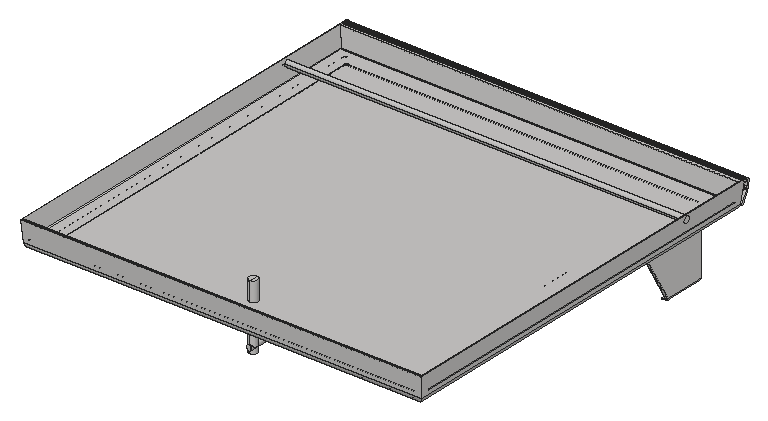
Revit family "NLRS_33_GM_FB_TC_STORAX_vloerluik_BV-GDZ_BCB", category Generic Models, host Face, Revit 2014
Parameters (values of type "maatwerk")
  vullen_met_beton = "ja"  # constant formula
  vergrendeling = "nee"  # constant formula
  uitwendige_lengte = 1152 mm
  uitwendige_breedte = 1135 mm
  sluiting = "1"  # constant formula
  scharnierend = "ja"  # constant formula
  rubberen_afdichting = "enkel"  # constant formula
  productgroep = "Vloerluiken"  # constant formula
  materiaal = bcb_staal
  inbouwhoogte [instance] = 75 mm
  geïsoleerd = "nee"  # constant formula
  gewicht = "0"
  gasveer 2 = yes
  gasdrukveer = "ja"  # constant formula
  brandwerend 90 min = "nee"  # constant formula
  binnenmaat_lengte = uitwendige_lengte - 152 mm  # 1000 mm
  binnenmaat_breedte = uitwendige_breedte - 135 mm  # 1000 mm
  binnenluik = "tbv betonvulling"  # constant formula
  belasting = "125 kN"  # constant formula
  URL = "http://www.storax.nl/producten/Staal/185/Type-BV-GDZ"
  Model = "BV"  # constant formula
  Manufacturer = "Storax"  # constant formula
  Default Elevation = 1219.2 mm
Types (6, lengths in mm): name | uitwendige_lengte | uitwendige_breedte | gewicht | gasveer 2 | binnenmaat_lengte | binnenmaat_breedte
  (no name) | 1152 | 1135 | "0" | yes | 1000 | 1000
  BV-GDZ 66 | 752 | 735 | "30" | no | 600 | 600
  BV-GDZ 86 | 752 | 935 | "38" | yes | 600 | 800
  BV-GDZ 88 | 952 | 935 | "44" | yes | 800 | 800
  BV-GDZ 110 | 1152 | 1135 | "58" | yes | 1000 | 1000
  maatwerk | 1152 | 1135 | "0" | yes | 1000 | 1000
Reference planes
  plane 1 "Center (Front/Back)": y = 0
  plane 2: z = 0
  plane 3 "Center (Left/Right)": x = 0
  plane 4: y = 567.5
  plane 5: y = -567.5
  plane 6: x = 567.5
  plane 7: x = -567.5
  plane 8: z = -75
  plane 9: x = -525.5
  plane 10: y = 525.5
  plane 11: y = -525.5
  plane 12: x = 525.5
  plane 13: x = -405.5
  plane 14: x = 405.5
  plane 15: y = -455
  plane 16: y = 405.5
  plane 17 "o.k. luik": z = -53.988
  plane 18: y = 500
  plane 19: x = -499.5
  plane 20: x = 499.5
  plane 21: y = 365.4
  plane 22: y = 560.5
  plane 23: y = 584.5
Forms (mm)
  Sweep 1, solid, material "bcb_staal" <- "materiaal", detail levels medium+fine
    path origin (0, 0, 0) x (1, 0, 0) y (0, 1, 0)
      loop
        line (-567.5, 567.5) -> (-567.5, -567.5) -> (567.5, -567.5) -> (567.5, 567.5) -> (-567.5, 567.5)
    profile origin (-567.5, 0, 0) x (-1, 0, 0) y (0, 0, 1)
      loop
        line (0, 0) -> (-2.01, 0) -> (-8.062, -60.739)
        arc (-8.062, -60.739) -> (-19.025, -71.913) -> (-32.302, -63.62) r 12.5
        line (-32.302, -63.62) -> (-34.724, -56.679)
        arc (-34.724, -56.679) -> (-38.41, -54.001) -> (-42.212, -56.51) r 4
        line (-42.212, -56.51) -> (-44.362, -61.868)
        arc (-44.362, -61.868) -> (-48.269, -64.946) -> (-52.899, -63.13) r 5
        line (-52.899, -63.13) -> (-56.64, -57.982)
        arc (-56.64, -57.982) -> (-63.349, -55.792) -> (-67.5, -61.5) r 6
        line (-67.5, -61.5) -> (-67.5, -75) -> (-65.5, -75) -> (-65.5, -61.5)
        arc (-65.5, -61.5) -> (-62.734, -57.695) -> (-58.262, -59.152) r 4
        line (-58.262, -59.152) -> (-54.667, -64.109)
        arc (-54.667, -64.109) -> (-48.142, -66.947) -> (-42.504, -62.607) r 7
        line (-42.504, -62.607) -> (-40.356, -57.255)
        arc (-40.356, -57.255) -> (-38.451, -56.001) -> (-36.61, -57.346) r 2
        line (-36.61, -57.346) -> (-34.19, -64.279)
        arc (-34.19, -64.279) -> (-18.789, -73.899) -> (-6.071, -60.938) r 14.5
        line (-6.071, -60.938) -> (0, 0)
  Sweep 2, solid, material "bcb_staal" <- "materiaal", detail levels medium+fine
    path origin (0, 0, 0) x (1, 0, 0) y (0, 1, 0)
      loop
        line (-567.5, 560.5) -> (-567.5, -567.5) -> (567.5, -567.5) -> (567.5, 560.5) -> (-567.5, 560.5)
    profile origin (-567.5, -3.5, 0) x (-1, 0, 0) y (0, 0, 1)
      loop
        line (-10.487, -50.628) -> (-2.484, 0) -> (-4.5, 0) -> (-12.438, -50.313)
        arc (-12.438, -50.313) -> (-13.121, -51.538) -> (-14.437, -52.024) r 2.024
        line (-14.437, -52.024) -> (-67.5, -52.024) -> (-67.5, -53.988) -> (-14.751, -53.988)
        arc (-14.751, -53.988) -> (-11.962, -53.142) -> (-10.487, -50.628) r 4
  Sweep 3, solid, material "bcb_staal" <- "materiaal", detail levels coarse
    path origin (0, 0, 0) x (1, 0, 0) y (0, 1, 0)
      loop
        line (-567.5, 560.5) -> (-567.5, -567.5) -> (567.5, -567.5) -> (567.5, 560.5) -> (-567.5, 560.5)
    profile origin (-567.5, -3.5, 0) x (-1, 0, 0) y (0, 0, 1)
      loop
        line (0, 0) -> (-4.5, 0) -> (-12.74, -52.024) -> (-67.5, -52.024) -> (-67.5, -75) -> (-7.473, -75) -> (0, 0)
  Extrusion 4, solid, material "bcb_staal" <- "materiaal", detail levels medium+fine
    sketch origin (0, 0, 0) x (1, 0, 0) y (0, 1, 0)
      loop
        line (-500, 500) -> (-500, -500) -> (500, -500) -> (500, 500) -> (-500, 500)
    from -53.988 to -52
  Extrusion 5, solid, material "bcb_staal" <- "materiaal", detail levels coarse
    sketch origin (0, 0, 0) x (1, 0, 0) y (0, 1, 0)
      loop
        line (-500, 493) -> (-500, -500) -> (500, -500) -> (500, 493) -> (-500, 493)
    from -75 to -52.024
  Extrusion 6, void
    sketch origin (0, 0, 0) x (1, 0, 0) y (0, 1, 0)
      loop
        line (-405.5, -455) -> (405.5, -455) -> (405.5, 405.5) -> (-405.5, 405.5) -> (-405.5, -455)
    from -500 to 10
  Sweep 7, void
    path origin (0, 0, 0) x (1, 0, 0) y (0, 1, 0)
      loop
        line (-567.5, 567.5) -> (-567.5, -567.5) -> (567.5, -567.5) -> (567.5, 567.5) -> (-567.5, 567.5)
    profile origin (-567.5, 0, 0) x (-1, 0, 0) y (0, 0, 1)
      loop
        line (0.498, 5) -> (-162, 5) -> (-162, -365) -> (-65.5, -365) -> (-65.5, -75) -> (-7.473, -75) -> (0.498, 5)
  Extrusion 8, solid, material "bcb_staal" <- "materiaal", detail levels medium+fine
    sketch origin (0, 0, 0) x (0, 1, 0) y (0, 0, 1)
      loop
        line (579.61, 0) -> (577.11, 0) -> (577.11, -2) -> (579.61, -2)
        arc (579.61, -2) -> (581.378, -2.732) -> (582.11, -4.5) r 2.5
        line (582.11, -4.5) -> (582.11, -21.5)
        arc (582.11, -21.5) -> (581.378, -23.268) -> (579.61, -24) r 2.5
        line (579.61, -24) -> (565.11, -24) -> (565.11, -26) -> (579.61, -26)
        arc (579.61, -26) -> (582.792, -24.682) -> (584.11, -21.5) r 4.5
        line (584.11, -21.5) -> (584.11, -4.5)
        arc (584.11, -4.5) -> (582.792, -1.318) -> (579.61, 0) r 4.5
    from -567.5 to 567.5
  Extrusion 9, solid, material "bcb_staal" <- "materiaal", detail levels medium+fine
    sketch origin (0, 0, 0) x (0, 1, 0) y (0, 0, 1)
      loop
        line (561.507, -60.04) -> (563.234, -61.048) -> (583.411, -26.51) -> (583.411, -23.909)
        arc (583.411, -23.909) -> (582.649, -24.819) -> (581.676, -25.498) r 4.5
        line (581.676, -25.498) -> (561.507, -60.04)
    from -567.5 to 567.5
  Extrusion 10, solid, material "bcb_staal" <- "materiaal", detail levels medium+fine
    sketch origin (0, 0, 0) x (0, 1, 0) y (0, 0, 1)
      loop
        circle (365.4, -11) r 8
    from -567.5 to 567.5
  Extrusion 11, solid, material "bcb_staal" <- "materiaal", detail levels coarse
    sketch origin (0, 0, -2) x (0, 1, 0) y (0, 0, 1)
      loop
        line (563.234, -61.048) -> (584.11, -25.313) -> (584.11, 2) -> (554.11, 2) -> (554.11, -73) -> (560.226, -73) -> (561.417, -61.048) -> (563.234, -61.048)
    from -567.5 to 567.5
  Sweep 12, void
    path origin (0, 0, 0) x (1, 0, 0) y (0, 1, 0)
      loop
        line (-567.5, 567.5) -> (567.5, 567.5)
    profile origin (0, 567.5, 0) x (0, 1, 0) y (0, 0, 1)
      loop
        line (16.61, 2) -> (-13.39, 2) -> (-13.39, -75) -> (-7.473, -75) -> (-6.083, -61.048) -> (-4.266, -61.048) -> (16.61, -25.313) -> (16.61, 2)
  Extrusion 13, solid, material "bcb_staal" <- "materiaal", detail levels medium+fine
    sketch origin (0, 0, 0) x (0, 1, 0) y (0, 0, 1)
      loop
        arc (570.504, -2) -> (572.979, -3.025) -> (574.004, -5.5) r 3.5
        line (574.004, -5.5) -> (574.004, -7) -> (576.004, -7) -> (576.004, -5.5)
        arc (576.004, -5.5) -> (574.393, -1.611) -> (570.504, 0) r 5.5
        line (570.504, 0) -> (556, 0) -> (555.683, -2) -> (570.504, -2)
    from -567.5 to 567.5
Cuts and joins
  joined: Sweep 2, Extrusion 4, Extrusion 13
  joined: Sweep 3, Extrusion 5
Text (mm)
  text "Indien u deze familie geopend hebt vanuit het project via Edit Family: Niet Opslaan!\n\nOpen de familie via File - Open Family om de familie aan te passen.\n\n\n\nMocht u zelf aanpassingen willen aanbrengen in een type van de family, \n\npak dan het type maatwerk en neem contact op met Storax." at (-0.374, 589.999, 0), in view "Ref. Level"
Dimensions and locks
  equal spacing: plane 7, plane 3 "Center (Left/Right)", plane 6
  "uitwendige_breedte": plane 7 to plane 6
  equal spacing: plane 4, plane 1 "Center (Front/Back)", plane 5
  locked: plane 4 to plane 10 at 42
  locked: plane 7 to plane 9 at 42
  locked: plane 12 to plane 6 at 42
  locked: plane 5 to plane 11 at 42
  locked: plane 9 to plane 13 at 120
  locked: plane 14 to plane 12 at 120
  locked: plane 10 to plane 16 at 120
  locked: plane 10 to plane 18 at 25.5
  locked: plane 9 to plane 19 at 26
  locked: plane 20 to plane 12 at 26
  locked: plane 4 to plane 22 at 7
  locked: plane 23 to plane 4 at 17
  "uitwendige_lengte": plane 23 to plane 5
  locked: plane 15 to plane 5 at 112.5
  aligned and locked: plane 2 to host face
  aligned and locked: level to host face
  aligned and locked: Sweep 1 sketch curve to plane 4
  aligned and locked: plane 7 to Sweep 1 sketch curve
  aligned and locked: plane 5 to Sweep 1 sketch curve
  aligned and locked: Sweep 1 sketch curve to plane 6
  aligned and locked: Sweep 2 sketch curve to Sweep 1  (x2)
  aligned and locked: Sweep 1 to Sweep 2 sketch curve
  aligned and locked: Sweep 3 sketch curve to Sweep 1  (x2)
  aligned and locked: Sweep 1 to Sweep 3 sketch curve
  aligned and locked: Extrusion 4 sketch curve to Sweep 1  (x4)
  aligned and locked: Extrusion 5 sketch curve to Sweep 3  (x2)
  aligned and locked: Extrusion 5 sketch curve to Sweep 1
  aligned and locked: Sweep 1 to Extrusion 5 sketch curve
  aligned and locked: Extrusion 6 to plane 16
  aligned and locked: Extrusion 6 to plane 14
  aligned and locked: Extrusion 6 to plane 15
  aligned and locked: Extrusion 6 to plane 13
  aligned and locked: Sweep 7 sketch curve to plane 4
  aligned and locked: Sweep 7 sketch curve to plane 6
  aligned and locked: plane 5 to Sweep 7 sketch curve
  aligned and locked: plane 7 to Sweep 7 sketch curve
  aligned and locked: nested 1 to plane 18
  aligned and locked: plane 19 to nested 1
  aligned and locked: nested 2 to plane 20
  aligned and locked: plane 18 to nested 2
  aligned and locked: plane 7 to Sweep 12 sketch curve
  aligned and locked: plane 6 to Sweep 12 sketch curve
  aligned and locked: Sweep 2 sketch curve to plane 22
  aligned and locked: Sweep 3 sketch curve to plane 22
  aligned and locked: cut or joined group of Sweep 2, Extrusion 4, Extrusion 13 to plane 7
  aligned and locked: plane 6 to cut or joined group of Sweep 2, Extrusion 4, Extrusion 13
  aligned and locked: plane 6 to Extrusion 10
  aligned and locked: plane 6 to Extrusion 8
  aligned and locked: plane 6 to Extrusion 9
  aligned and locked: Extrusion 8 to plane 7
  aligned and locked: Extrusion 10 to plane 7
  aligned and locked: Extrusion 9 to plane 7
  aligned and locked: Extrusion 11 to plane 7
  aligned and locked: plane 6 to Extrusion 11
  aligned and locked: nested 3 to plane 15
  aligned and locked: plane 3 "Center (Left/Right)" to nested 3
Automatic sketch dimensions
  host sketch curve to host sketch curve = 2000 mm  (x2)
  Sweep 1 sketch curve to profile plane = 0 mm
  profile plane to Sweep 1 sketch curve = 6.071 mm
  Sweep 1 sketch curve to Sweep 1 sketch curve = 1.99 mm
  Sweep 1 sketch curve to Sweep 1 sketch curve = 12.438 mm
  Sweep 1 sketch curve to Sweep 1 sketch curve = 0 mm  (x6)
  Sweep 1 sketch curve to Sweep 1 sketch curve = 11.802 mm
  Sweep 1 sketch curve to Sweep 1 sketch curve = 1.888 mm
  Sweep 1 sketch curve to Sweep 1 sketch curve = 2.423 mm
  Sweep 1 sketch curve to Sweep 1 sketch curve = 1.886 mm
  Sweep 1 sketch curve to Sweep 1 sketch curve = 1.89 mm
  Sweep 1 sketch curve to Sweep 1 sketch curve = 1.856 mm  (x2)
  Sweep 1 sketch curve to Sweep 1 sketch curve = 2.147 mm
  Sweep 1 sketch curve to Sweep 1 sketch curve = 1.858 mm
  Sweep 1 sketch curve to Sweep 1 sketch curve = 4.638 mm
  Sweep 1 sketch curve to Sweep 1 sketch curve = 3.899 mm
  Sweep 1 sketch curve to Sweep 1 sketch curve = 1.768 mm
  Sweep 1 sketch curve to Sweep 1 sketch curve = 3.741 mm
  Sweep 1 sketch curve to Sweep 1 sketch curve = 1.622 mm
  Sweep 1 sketch curve to Sweep 1 sketch curve = 3.238 mm
  Sweep 1 sketch curve to Sweep 1 sketch curve = 4 mm
  Sweep 1 sketch curve to Sweep 1 sketch curve = 2 mm
  Sweep 1 sketch curve to level = 56.51 mm
  Sweep 1 sketch curve to Sweep 1 sketch curve = 0.169 mm
  Sweep 1 sketch curve to Sweep 1 sketch curve = 0.745 mm
  Sweep 1 sketch curve to Sweep 1 sketch curve = 0.654 mm
  Sweep 1 sketch curve to Sweep 1 sketch curve = 1.471 mm
  Sweep 1 sketch curve to Sweep 1 sketch curve = 1.17 mm
  Sweep 1 sketch curve to Sweep 1 sketch curve = 2.821 mm
  Sweep 1 sketch curve to Sweep 1 sketch curve = 3.49 mm
  Sweep 1 sketch curve to Sweep 1 sketch curve = 1.239 mm
  Sweep 1 sketch curve to Sweep 1 sketch curve = 0.198 mm
  Sweep 1 sketch curve to Sweep 1 sketch curve = 1.867 mm
  Sweep 1 sketch curve to Sweep 1 sketch curve = 0.739 mm
  Sweep 1 sketch curve to Sweep 1 sketch curve = 13.5 mm
  profile plane to Sweep 1 sketch curve = 2.01 mm
  Sweep 1 sketch curve to Sweep 1 sketch curve = 60.938 mm
  Sweep 2 sketch curve to level = 0 mm
  profile plane to Sweep 2 sketch curve = 14.751 mm
  Sweep 2 sketch curve to Sweep 2 sketch curve = 0.313 mm  (x2)
  Sweep 2 sketch curve to Sweep 2 sketch curve = 0 mm  (x2)
  Sweep 2 sketch curve to Sweep 2 sketch curve = 1.95 mm
  Sweep 2 sketch curve to Sweep 2 sketch curve = 0.315 mm
  Sweep 2 sketch curve to Sweep 2 sketch curve = 53.063 mm
  profile plane to Sweep 2 sketch curve = 4.5 mm
  Sweep 2 sketch curve to Sweep 2 sketch curve = 2.016 mm
  Sweep 2 sketch curve to level = 52.024 mm
  Sweep 2 sketch curve to Sweep 2 sketch curve = 1.963 mm
  Sweep 3 sketch curve to level = 0 mm
  Sweep 3 sketch curve to profile plane = 0 mm
  profile plane to Sweep 3 sketch curve = 4.5 mm
  profile plane to Sweep 3 sketch curve = 12.74 mm
  Sweep 3 sketch curve to Sweep 3 sketch curve = 54.76 mm
  Sweep 3 sketch curve to level = 52.024 mm
  profile plane to Sweep 3 sketch curve = 7.473 mm
  Sweep 3 sketch curve to Sweep 3 sketch curve = 22.976 mm
  Extrusion 6 sketch curve to plane 11 = 70.5 mm
  Extrusion 6 sketch curve to plane 1 "Center (Front/Back)" = 405.5 mm
  Extrusion 6 sketch curve to plane 13 = 0 mm
  Extrusion 6 sketch curve to plane 14 = 0 mm
  level to Sweep 7 sketch curve = 5 mm
  profile plane to Sweep 7 sketch curve = 162 mm
  profile plane to Sweep 7 sketch curve = 65.5 mm
  profile plane to Sweep 7 sketch curve = 7.473 mm
  Sweep 7 sketch curve to profile plane = 0.498 mm
  Sweep 7 sketch curve to level = 75 mm
  Sweep 7 sketch curve to Sweep 7 sketch curve = 290 mm
  Extrusion 8 sketch curve to Extrusion 8 sketch curve = 0 mm  (x4)
  Extrusion 8 sketch curve to level = 0 mm
  Extrusion 8 sketch curve to plane 4 = 2.39 mm
  plane 4 to Extrusion 8 sketch curve = 9.61 mm
  Extrusion 8 sketch curve to Extrusion 8 sketch curve = 2.5 mm  (x2)
  plane 4 to Extrusion 8 sketch curve = 12.11 mm
  Extrusion 8 sketch curve to Extrusion 8 sketch curve = 2 mm
  Extrusion 8 sketch curve to Extrusion 8 sketch curve = 17 mm
  Extrusion 8 sketch curve to Extrusion 8 sketch curve = 0.001 mm
  Extrusion 9 sketch curve to plane 4 = 5.993 mm
  Extrusion 9 sketch curve to Extrusion 9 sketch curve = 1.727 mm
  plane 17 "o.k. luik" to Extrusion 9 sketch curve = 7.061 mm
  Extrusion 9 sketch curve to Extrusion 9 sketch curve = 1.009 mm
  plane 4 to Extrusion 9 sketch curve = 14.176 mm
  Extrusion 9 sketch curve to Extrusion 9 sketch curve = 1.735 mm
  Extrusion 9 sketch curve to level = 26.51 mm
  Extrusion 9 sketch curve to Extrusion 9 sketch curve = 1.012 mm
  Extrusion 9 sketch curve to Extrusion 9 sketch curve = 1.589 mm
  Extrusion 9 sketch curve to Extrusion 9 sketch curve = 2.066 mm
  Extrusion 10 sketch curve to plane 21 = 0 mm
  Sweep 12 sketch curve to plane 4 = 0 mm
  Extrusion 10 sketch curve to level = 11 mm
  Extrusion 11 sketch curve to level = 0 mm
  Extrusion 11 sketch curve to plane 22 = 6.39 mm
  plane 22 to Extrusion 11 sketch curve = 0.917 mm
  Extrusion 11 sketch curve to Extrusion 11 sketch curve = 1.817 mm
  plane 4 to Extrusion 11 sketch curve = 16.61 mm
  Extrusion 11 sketch curve to level = 27.313 mm
  plane 17 "o.k. luik" to Extrusion 11 sketch curve = 9.061 mm
  Extrusion 11 sketch curve to plane 22 = 0.274 mm
  Extrusion 11 sketch curve to plane 8 = 0 mm
  Extrusion 13 sketch curve to level = 0 mm
  plane 4 to Extrusion 13 sketch curve = 3.004 mm
  Extrusion 13 sketch curve to plane 22 = 4.817 mm
  Extrusion 13 sketch curve to Extrusion 13 sketch curve = 0.317 mm
  Extrusion 13 sketch curve to Extrusion 13 sketch curve = 0 mm  (x2)
  Extrusion 13 sketch curve to Extrusion 13 sketch curve = 2 mm
  Extrusion 13 sketch curve to level = 5.5 mm
  Extrusion 13 sketch curve to Extrusion 13 sketch curve = 1.5 mm
  level to Sweep 12 sketch curve = 2 mm
  profile plane to Sweep 12 sketch curve = 13.39 mm
  Sweep 12 sketch curve to Sweep 12 sketch curve = 5.917 mm
  profile plane to Sweep 12 sketch curve = 6.083 mm
  Sweep 12 sketch curve to Sweep 12 sketch curve = 1.817 mm
  Sweep 12 sketch curve to profile plane = 16.61 mm
  Sweep 12 sketch curve to level = 25.313 mm
  Sweep 12 sketch curve to Sweep 12 sketch curve = 35.736 mm
  Sweep 12 sketch curve to Sweep 12 sketch curve = 13.952 mm
  radius of Extrusion 10 sketch curve = 8 mm
Nested families
  nested 1: "NLRS_33_GM_FB_TC_STORAX_vloerluik_BV-GD_BCB_Gasveer" at (-499.5, 500, 0), visible <- "gasveer 2", type "NLRS_33_GM_FB_TC_STORAX_vloerluik_BV-GD_BCB_Gasveer"
  nested 2: "NLRS_33_GM_FB_TC_STORAX_vloerluik_BV-GD_BCB_Gasveer" at (499.5, 500, 0) x (-1, 0, 0) z (0, 0, 1), type "NLRS_33_GM_FB_TC_STORAX_vloerluik_BV-GD_BCB_Gasveer"
  nested 3: "NLRS_33_GM_FB_TC_STORAX_vloerluik_BV-GDZ_BCB_Cent-Verg" at (0, -455, 0), type "NLRS_33_GM_FB_TC_STORAX_vloerluik_BV-GDZ_BCB_Cent-Verg"
Definition of nested family "NLRS_33_GM_FB_TC_STORAX_vloerluik_BV-GD_BCB_Gasveer"
  Parameters (values of type "NLRS_33_GM_FB_TC_STORAX_vloerluik_BV-GD_BCB_Gasveer")
    materiaal = bcb_staal
    gasveer hoek = yes
    Default Elevation = 1219.2 mm
  Reference planes
    plane 1 "Center (Front/Back)": y = 0
    plane 2: z = 0
    plane 3 "Center (Left/Right)": x = 0
    plane 4: through (0, -71.994, -159.424) normal (0, -0.2126, -0.9771)
    plane 5: x = 66
  Forms (mm)
    Extrusion 1, solid
      sketch origin (0, 0, 0) x (1, 0, 0) y (0, 1, 0)
        loop
          line (-250, 250) -> (-250, -250) -> (-109.552, -250) -> (-109.552, 250) -> (-250, 250)
      from 0 to -100
    Extrusion 2, solid, material "bcb_rvs", detail levels fine
      sketch origin (0, 0, -54) x (0, 1, 0) y (0, 0, 1)
        loop
          line (-511.996, 0) -> (-511.996, -5.499) -> (-421.996, -5.499) -> (-421.996, 0) -> (-511.996, 0)
      from 37 to 68.5
    Extrusion 3, solid, material "bcb_rvs", detail levels fine
      sketch origin (0, 0, -54) x (0, 1, 0) y (0, 0, 1)
        loop
          line (-511.996, -5.499) -> (-511.996, -14.999) -> (-465.23, -41.999) -> (-436.996, -41.999) -> (-421.996, -26.999) -> (-421.996, -5.499) -> (-511.996, -5.499)
      from 63.5 to 68.5
    Sweep 4, solid, material "bcb_rvs", visible <- "gasveer hoek", detail levels medium+fine
      path origin (0, 0, 0) x (1, 0, 0) y (0, 1, 0)
        loop
          line (0, -214.2) -> (0, 0) -> (214.2, 0)
      profile origin (107.1, 0, 0) x (0, 1, 0) y (0, 0, 1)
        loop
          line (-17, -246.78) -> (-17, -249.78) -> (-6, -249.78)
          arc (-6, -249.78) -> (-1.757, -248.023) -> (0, -243.78) r 6
          line (0, -243.78) -> (0, -61.499) -> (-3, -61.499) -> (-3, -243.78)
          arc (-3, -243.78) -> (-3.879, -245.901) -> (-6, -246.78) r 3
          line (-6, -246.78) -> (-17, -246.78)
    Extrusion 5, void
      sketch origin (0, 0, -54) x (0, 1, 0) y (0, 0, 1)
        loop
          line (-115, -192.78) -> (-227.511, 2.095) -> (-227.511, -207.78) -> (-115, -207.78) -> (-115, -192.78)
      from -10 to 25
    Extrusion 6, void
      sketch origin (0, 0, -54) x (-1, 0, 0) y (0, 0, 1)
        loop
          line (-115, -192.78) -> (-227.511, 2.095) -> (-227.511, -207.78) -> (-115, -207.78) -> (-115, -192.78)
      from -25 to 25
    Revolve 7, solid, material "bcb_rvs", detail levels fine
      sketch origin (66, 0, -54) x (0, 1, 0) y (0, 0, 1)
        loop
          line (-392.538, -49.996) -> (-74.97, -119.104) -> (-73.907, -114.218) -> (-69.998, -115.068) -> (-68.085, -106.274) -> (-411.742, -31.489) -> (-413.655, -40.283) -> (-391.475, -45.11) -> (-392.538, -49.996)
        axis (-68.085, -106.274) -> (-411.742, -31.489)
      angle from 0 to 360
    Extrusion 8, solid, material "bcb_rvs", detail levels fine
      sketch origin (0, 0, -54) x (0, 1, 0) y (0, 0, 1)
        loop
          line (-446.113, -34.243) -> (-413.868, -41.261) -> (-409.615, -21.718) -> (-441.861, -14.701)
          arc (-441.861, -14.701) -> (-447.895, -23.622) -> (-446.113, -34.243) r 14.5
      from 55 to 77
    Extrusion 9, solid, material "bcb_rvs", detail levels fine
      sketch origin (0, 0, -54) x (0, 1, 0) y (0, 0, 1)
        loop
          line (-65.959, -96.503) -> (-70.211, -116.045) -> (-23.309, -126.252)
          arc (-23.309, -126.252) -> (-17.274, -117.331) -> (-19.056, -106.709) r 14.5
          line (-19.056, -106.709) -> (-65.959, -96.503)
      from 55 to 77
    Extrusion 10, solid, material "bcb_rvs", detail levels fine
      sketch origin (0, 0, -54) x (0, 1, 0) y (0, 0, 1)
        loop
          line (-45, -114.78) -> (-45, -143.015) -> (-18, -189.78) -> (-8.5, -189.78) -> (-8.5, -99.78) -> (-30, -99.78) -> (-45, -114.78)
      from 63.5 to 68.5
    Extrusion 11, solid, material "bcb_rvs", detail levels fine
      sketch origin (0, 0, -54) x (0, 1, 0) y (0, 0, 1)
        loop
          line (-8.488, -99.78) -> (-8.488, -189.78) -> (-3, -189.78) -> (-3, -99.78) -> (-8.488, -99.78)
      from 37 to 68.5
    Sweep 12, solid, material "bcb_rvs", detail levels coarse+medium
      path origin (66, 0, -54) x (0, 1, 0) y (0, 0, 1)
        loop
          line (-447.895, -23.622) -> (-17.274, -117.331)
      profile origin (66, -232.585, -124.476) x (0, 0.212638, 0.977131) y (1, 0, 0)
        loop
          circle (0, 0) r 14
  Cuts and joins
    Extrusion 5, Extrusion 6 cuts Sweep 4
    joined: Extrusion 2, Extrusion 3
    joined: Extrusion 10, Extrusion 11
  Dimensions and locks
    aligned and locked: plane 2 to Extrusion 1
    aligned and locked: level to Extrusion 1
Definition of nested family "NLRS_33_GM_FB_TC_STORAX_vloerluik_BV-GDZ_BCB_Cent-Verg"
  Parameters (values of type "NLRS_33_GM_FB_TC_STORAX_vloerluik_BV-GDZ_BCB_Cent-Verg")
    materiaal = bcb_staal
    gasveer hoek = yes
    Default Elevation = 1219.2 mm
  Reference planes
    plane 1 "Center (Front/Back)": y = 0
    plane 2: z = 0
    plane 3 "Center (Left/Right)": x = 0
  Forms (mm)
    Extrusion 1, solid
      sketch origin (0, 0, 0) x (1, 0, 0) y (0, 1, 0)
        loop
          line (-250, 250) -> (-250, -250) -> (250, -250) -> (250, 250) -> (-250, 250)
      from 0 to -10
    Revolve 2, solid, material "bcb_staal" <- "materiaal", detail levels medium+fine
      sketch origin (0, 0, 0) x (0, 1, 0) y (0, 0, 1)
        loop
          line (-11, -74) -> (-11, -184) -> (0, -184) -> (0, 0) -> (-12.5, 0) -> (-12.5, -66) -> (-40, -66) -> (-40, -74) -> (-11, -74)
        axis (0, 0) -> (0, -184)
      angle from 0 to 360
    Revolve 3, solid, material "bcb_staal" <- "materiaal", detail levels medium+fine
      sketch origin (0, 0, 0) x (0, 1, 0) y (0, 0, 1)
        loop
          line (-13, -169) -> (120, -169) -> (120, -163.5) -> (118, -161.5) -> (-13, -161.5) -> (-13, -169)
        axis (-13, -169) -> (120, -169)
      angle from 0 to 360
  Dimensions and locks
    aligned and locked: plane 2 to Extrusion 1
    aligned and locked: level to Extrusion 1
    aligned and locked: Revolve 2 to plane 2
